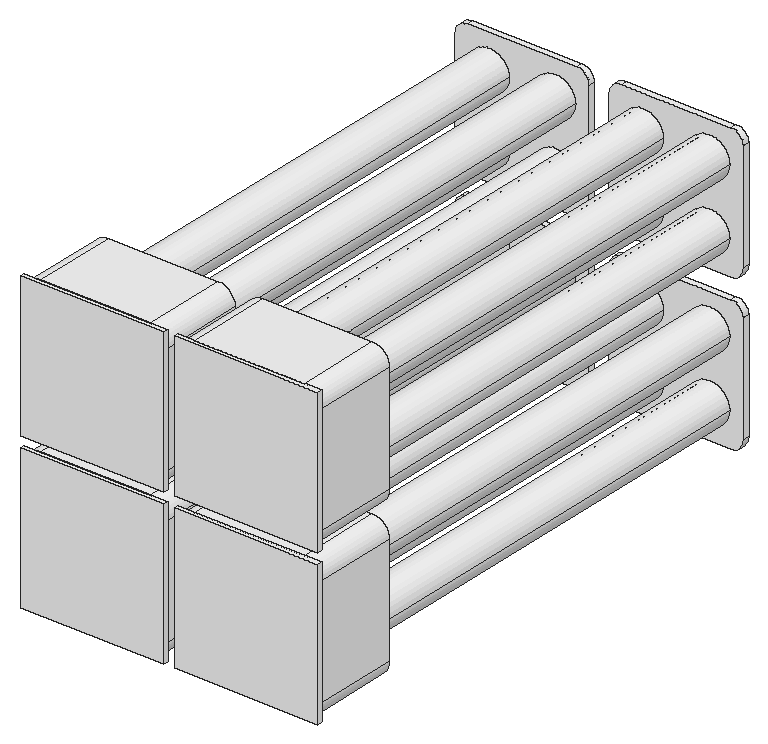
Revit family "Mamad_Transition_YEONATAN_Y3", category Generic Models, host Wall, Revit 2020
Family settings
  Host = Wall
  Can host rebar = No
  Round Connector Dimension = Use Diameter
  Part Type = Normal
  Always vertical = Yes
  Cut with Voids When Loaded = Yes
  Shared = No
  Room Calculation Point = No
Parameters (values of type "Y3_16x4"")
  Outer Plate [instance] = yes
  Wall Closure = By host
  Wall Width [instance] = 350.00 mm
  URL = "https://www.yeonatan.com"
  Type Image = <None>
  Model = "Y3"
  Manufacturer = "S2P"
  Inner Plate [instance] = yes
  Created by = "Karpel Consult And Shielding Engineering LTD"
  Assembly Code = ""
Reference planes
  plane 1: y = 0
  plane 2 "Sill": z = 1173
  plane 3: z = 1219.5
  plane 4: x = 0.3
  plane 5: z = 1266
  plane 6: y = -175
  plane 7: y = 175
  plane 8: y = 171
  plane 9: y = -120
  plane 10: x = -46.2
  plane 11: x = 46.8
  plane 12: y = -145
  plane 13: y = -140
Forms (mm)
  Sweep 1, solid, material "Yeonatan_Plastic"
    path origin (17.801, -70, -15.537) x (1, 0, 0) y (0, 1, 0)
      loop
        line (-17.501, 241) -> (-17.501, 245)
    profile origin (0.3, 173, -15.537) x (-1, 0, 0) y (0, 0, 1)
      loop
        arc (-85.5, 1328.537) -> (-91.157, 1326.194) -> (-93.5, 1320.537) r 8
        line (-93.5, 1320.537) -> (-93.5, 1249.537)
        arc (-93.5, 1249.537) -> (-91.157, 1243.88) -> (-85.5, 1241.537) r 8
        line (-85.5, 1241.537) -> (-14.5, 1241.537)
        arc (-14.5, 1241.537) -> (-8.843, 1243.88) -> (-6.5, 1249.537) r 8
        line (-6.5, 1249.537) -> (-6.5, 1320.537)
        arc (-6.5, 1320.537) -> (-8.843, 1326.194) -> (-14.5, 1328.537) r 8
        line (-14.5, 1328.537) -> (-85.5, 1328.537)
      loop
        circle (-71.5, 1263.537) r 11
      loop
        circle (-28.5, 1263.537) r 11
      loop
        circle (-71.5, 1306.537) r 11
      loop
        circle (-28.5, 1306.537) r 11
      loop
        line (85.5, 1328.537) -> (14.5, 1328.537)
        arc (14.5, 1328.537) -> (8.843, 1326.194) -> (6.5, 1320.537) r 8
        line (6.5, 1320.537) -> (6.5, 1249.537)
        arc (6.5, 1249.537) -> (8.843, 1243.88) -> (14.5, 1241.537) r 8
        line (14.5, 1241.537) -> (85.5, 1241.537)
        arc (85.5, 1241.537) -> (91.157, 1243.88) -> (93.5, 1249.537) r 8
        line (93.5, 1249.537) -> (93.5, 1320.537)
        arc (93.5, 1320.537) -> (91.157, 1326.194) -> (85.5, 1328.537) r 8
      loop
        circle (71.5, 1263.537) r 11
      loop
        circle (28.5, 1263.537) r 11
      loop
        circle (71.5, 1306.537) r 11
      loop
        circle (28.5, 1306.537) r 11
      loop
        line (-85.5, 1141.537) -> (-14.5, 1141.537)
        arc (-14.5, 1141.537) -> (-8.843, 1143.88) -> (-6.5, 1149.537) r 8
        line (-6.5, 1149.537) -> (-6.5, 1220.537)
        arc (-6.5, 1220.537) -> (-8.843, 1226.194) -> (-14.5, 1228.537) r 8
        line (-14.5, 1228.537) -> (-85.5, 1228.537)
        arc (-85.5, 1228.537) -> (-91.157, 1226.194) -> (-93.5, 1220.537) r 8
        line (-93.5, 1220.537) -> (-93.5, 1149.537)
        arc (-93.5, 1149.537) -> (-91.157, 1143.88) -> (-85.5, 1141.537) r 8
      loop
        circle (-71.5, 1206.537) r 11
      loop
        circle (-28.5, 1206.537) r 11
      loop
        circle (-71.5, 1163.537) r 11
      loop
        circle (-28.5, 1163.537) r 11
      loop
        arc (85.5, 1141.537) -> (91.157, 1143.88) -> (93.5, 1149.537) r 8
        line (93.5, 1149.537) -> (93.5, 1220.537)
        arc (93.5, 1220.537) -> (91.157, 1226.194) -> (85.5, 1228.537) r 8
        line (85.5, 1228.537) -> (14.5, 1228.537)
        arc (14.5, 1228.537) -> (8.843, 1226.194) -> (6.5, 1220.537) r 8
        line (6.5, 1220.537) -> (6.5, 1149.537)
        arc (6.5, 1149.537) -> (8.843, 1143.88) -> (14.5, 1141.537) r 8
        line (14.5, 1141.537) -> (85.5, 1141.537)
      loop
        circle (71.5, 1206.537) r 11
      loop
        circle (28.5, 1206.537) r 11
      loop
        circle (71.5, 1163.537) r 11
      loop
        circle (28.5, 1163.537) r 11
  Sweep 2, solid, material "Yeonatan_Plastic"
    path origin (-1536.434, -175, 2405.066) x (1, 0, 0) y (0, 0, 1)
      loop
        arc (1443.234, -1171.066) -> (1445.577, -1176.723) -> (1451.234, -1179.066) r 8
        line (1451.234, -1179.066) -> (1522.234, -1179.066)
        arc (1522.234, -1179.066) -> (1527.891, -1176.723) -> (1530.234, -1171.066) r 8
        line (1530.234, -1171.066) -> (1530.234, -1100.066)
        arc (1530.234, -1100.066) -> (1527.891, -1094.409) -> (1522.234, -1092.066) r 8
        line (1522.234, -1092.066) -> (1451.234, -1092.066)
        arc (1451.234, -1092.066) -> (1445.577, -1094.409) -> (1443.234, -1100.066) r 8
        line (1443.234, -1100.066) -> (1443.234, -1171.066)
    profile origin (-93.2, -175, 1269.5) x (-1, 0, 0) y (0, -1, 0)
      loop
        line (0, -55) -> (3, -55) -> (3, 0) -> (0, 0) -> (0, -55)
  Sweep 3, solid, material "Yeonatan_Plastic"
    path origin (17.801, -365, -15.537) x (1, 0, 0) y (0, 1, 0)
      loop
        line (-17.501, 239) -> (-17.501, 245)
    profile origin (0.3, -123, -15.537) x (-1, 0, 0) y (0, 0, 1)
      loop
        line (85.5, 1328.537) -> (14.5, 1328.537)
        arc (14.5, 1328.537) -> (8.843, 1326.194) -> (6.5, 1320.537) r 8
        line (6.5, 1320.537) -> (6.5, 1249.537)
        arc (6.5, 1249.537) -> (8.843, 1243.88) -> (14.5, 1241.537) r 8
        line (14.5, 1241.537) -> (85.5, 1241.537)
        arc (85.5, 1241.537) -> (91.157, 1243.88) -> (93.5, 1249.537) r 8
        line (93.5, 1249.537) -> (93.5, 1320.537)
        arc (93.5, 1320.537) -> (91.157, 1326.194) -> (85.5, 1328.537) r 8
      loop
        circle (71.5, 1263.537) r 11
      loop
        circle (28.5, 1263.537) r 11
      loop
        circle (71.5, 1306.537) r 11
      loop
        circle (28.5, 1306.537) r 11
      loop
        arc (-85.5, 1328.537) -> (-91.157, 1326.194) -> (-93.5, 1320.537) r 8
        line (-93.5, 1320.537) -> (-93.5, 1249.537)
        arc (-93.5, 1249.537) -> (-91.157, 1243.88) -> (-85.5, 1241.537) r 8
        line (-85.5, 1241.537) -> (-14.5, 1241.537)
        arc (-14.5, 1241.537) -> (-8.843, 1243.88) -> (-6.5, 1249.537) r 8
        line (-6.5, 1249.537) -> (-6.5, 1320.537)
        arc (-6.5, 1320.537) -> (-8.843, 1326.194) -> (-14.5, 1328.537) r 8
        line (-14.5, 1328.537) -> (-85.5, 1328.537)
      loop
        circle (-71.5, 1263.537) r 11
      loop
        circle (-28.5, 1263.537) r 11
      loop
        circle (-71.5, 1306.537) r 11
      loop
        circle (-28.5, 1306.537) r 11
      loop
        line (-85.5, 1141.537) -> (-14.5, 1141.537)
        arc (-14.5, 1141.537) -> (-8.843, 1143.88) -> (-6.5, 1149.537) r 8
        line (-6.5, 1149.537) -> (-6.5, 1220.537)
        arc (-6.5, 1220.537) -> (-8.843, 1226.194) -> (-14.5, 1228.537) r 8
        line (-14.5, 1228.537) -> (-85.5, 1228.537)
        arc (-85.5, 1228.537) -> (-91.157, 1226.194) -> (-93.5, 1220.537) r 8
        line (-93.5, 1220.537) -> (-93.5, 1149.537)
        arc (-93.5, 1149.537) -> (-91.157, 1143.88) -> (-85.5, 1141.537) r 8
      loop
        circle (-71.5, 1206.537) r 11
      loop
        circle (-28.5, 1206.537) r 11
      loop
        circle (-71.5, 1163.537) r 11
      loop
        circle (-28.5, 1163.537) r 11
      loop
        arc (85.5, 1141.537) -> (91.157, 1143.88) -> (93.5, 1149.537) r 8
        line (93.5, 1149.537) -> (93.5, 1220.537)
        arc (93.5, 1220.537) -> (91.157, 1226.194) -> (85.5, 1228.537) r 8
        line (85.5, 1228.537) -> (14.5, 1228.537)
        arc (14.5, 1228.537) -> (8.843, 1226.194) -> (6.5, 1220.537) r 8
        line (6.5, 1220.537) -> (6.5, 1149.537)
        arc (6.5, 1149.537) -> (8.843, 1143.88) -> (14.5, 1141.537) r 8
        line (14.5, 1141.537) -> (85.5, 1141.537)
      loop
        circle (71.5, 1206.537) r 11
      loop
        circle (28.5, 1206.537) r 11
      loop
        circle (71.5, 1163.537) r 11
      loop
        circle (28.5, 1163.537) r 11
  Extrusion 4, solid, material "Yeonatan_Plastic"
    sketch origin (-21.5, 11.219, -21.5) x (1, 0, 0) y (0, 0, 1)
      loop
        circle (50.3, 1269.5) r 13
      loop
        circle (50.3, 1269.5) r 11
      loop
        circle (93.3, 1269.5) r 13
      loop
        circle (93.3, 1269.5) r 11
      loop
        circle (50.3, 1312.5) r 13
      loop
        circle (50.3, 1312.5) r 11
      loop
        circle (93.3, 1312.5) r 13
      loop
        circle (93.3, 1312.5) r 11
      loop
        circle (-6.7, 1269.5) r 13
      loop
        circle (-6.7, 1269.5) r 11
      loop
        circle (-49.7, 1269.5) r 13
      loop
        circle (-49.7, 1269.5) r 11
      loop
        circle (-6.7, 1312.5) r 13
      loop
        circle (-6.7, 1312.5) r 11
      loop
        circle (-49.7, 1312.5) r 13
      loop
        circle (-49.7, 1312.5) r 11
      loop
        circle (-6.7, 1212.5) r 13
      loop
        circle (-6.7, 1212.5) r 11
      loop
        circle (-49.7, 1212.5) r 13
      loop
        circle (-49.7, 1212.5) r 11
      loop
        circle (-6.7, 1169.5) r 13
      loop
        circle (-6.7, 1169.5) r 11
      loop
        circle (-49.7, 1169.5) r 13
      loop
        circle (-49.7, 1169.5) r 11
      loop
        circle (50.3, 1212.5) r 13
      loop
        circle (50.3, 1212.5) r 11
      loop
        circle (93.3, 1212.5) r 13
      loop
        circle (93.3, 1212.5) r 11
      loop
        circle (50.3, 1169.5) r 13
      loop
        circle (50.3, 1169.5) r 11
      loop
        circle (93.3, 1169.5) r 13
      loop
        circle (93.3, 1169.5) r 11
    from -159.781 to 131.219
  Sweep 5, void
    path origin (-1.762, -3.524, 0) x (1, 0, 0) y (0, 1, 0)
      loop
        line (2.062, -171.476) -> (2.062, -116.476)
    profile origin (0.3, -147.5, 0) x (-1, 0, 0) y (0, 0, 1)
      loop
        line (-14.5, 1316) -> (-85.5, 1316)
        arc (-85.5, 1316) -> (-93.278, 1312.778) -> (-96.5, 1305) r 11
        line (-96.5, 1305) -> (-96.5, 1234)
        arc (-96.5, 1234) -> (-93.278, 1226.222) -> (-85.5, 1223) r 11
        line (-85.5, 1223) -> (-14.5, 1223)
        arc (-14.5, 1223) -> (-6.722, 1226.222) -> (-3.5, 1234) r 11
        line (-3.5, 1234) -> (-3.5, 1305)
        arc (-3.5, 1305) -> (-6.722, 1312.778) -> (-14.5, 1316) r 11
      loop
        arc (14.5, 1316) -> (6.722, 1312.778) -> (3.5, 1305) r 11
        line (3.5, 1305) -> (3.5, 1234)
        arc (3.5, 1234) -> (6.722, 1226.222) -> (14.5, 1223) r 11
        line (14.5, 1223) -> (85.5, 1223)
        arc (85.5, 1223) -> (93.278, 1226.222) -> (96.5, 1234) r 11
        line (96.5, 1234) -> (96.5, 1305)
        arc (96.5, 1305) -> (93.278, 1312.778) -> (85.5, 1316) r 11
        line (85.5, 1316) -> (14.5, 1316)
      loop
        arc (-14.5, 1123) -> (-6.722, 1126.222) -> (-3.5, 1134) r 11
        line (-3.5, 1134) -> (-3.5, 1205)
        arc (-3.5, 1205) -> (-6.722, 1212.778) -> (-14.5, 1216) r 11
        line (-14.5, 1216) -> (-85.5, 1216)
        arc (-85.5, 1216) -> (-93.278, 1212.778) -> (-96.5, 1205) r 11
        line (-96.5, 1205) -> (-96.5, 1134)
        arc (-96.5, 1134) -> (-93.278, 1126.222) -> (-85.5, 1123) r 11
        line (-85.5, 1123) -> (-14.5, 1123)
      loop
        line (14.5, 1123) -> (85.5, 1123)
        arc (85.5, 1123) -> (93.278, 1126.222) -> (96.5, 1134) r 11
        line (96.5, 1134) -> (96.5, 1205)
        arc (96.5, 1205) -> (93.278, 1212.778) -> (85.5, 1216) r 11
        line (85.5, 1216) -> (14.5, 1216)
        arc (14.5, 1216) -> (6.722, 1212.778) -> (3.5, 1205) r 11
        line (3.5, 1205) -> (3.5, 1134)
        arc (3.5, 1134) -> (6.722, 1126.222) -> (14.5, 1123) r 11
  Sweep 6, void
    path origin (146.105, 263.235, 0) x (1, 0, 0) y (0, 1, 0)
      loop
        line (-145.805, -92.235) -> (-145.805, -88.235)
    profile origin (0.3, 173, 0) x (-1, 0, 0) y (0, 0, 1)
      loop
        line (85.5, 1313) -> (14.5, 1313)
        arc (14.5, 1313) -> (8.843, 1310.657) -> (6.5, 1305) r 8
        line (6.5, 1305) -> (6.5, 1234)
        arc (6.5, 1234) -> (8.843, 1228.343) -> (14.5, 1226) r 8
        line (14.5, 1226) -> (85.5, 1226)
        arc (85.5, 1226) -> (91.157, 1228.343) -> (93.5, 1234) r 8
        line (93.5, 1234) -> (93.5, 1305)
        arc (93.5, 1305) -> (91.157, 1310.657) -> (85.5, 1313) r 8
      loop
        arc (-85.5, 1313) -> (-91.157, 1310.657) -> (-93.5, 1305) r 8
        line (-93.5, 1305) -> (-93.5, 1234)
        arc (-93.5, 1234) -> (-91.157, 1228.343) -> (-85.5, 1226) r 8
        line (-85.5, 1226) -> (-14.5, 1226)
        arc (-14.5, 1226) -> (-8.843, 1228.343) -> (-6.5, 1234) r 8
        line (-6.5, 1234) -> (-6.5, 1305)
        arc (-6.5, 1305) -> (-8.843, 1310.657) -> (-14.5, 1313) r 8
        line (-14.5, 1313) -> (-85.5, 1313)
      loop
        arc (85.5, 1126) -> (91.157, 1128.343) -> (93.5, 1134) r 8
        line (93.5, 1134) -> (93.5, 1205)
        arc (93.5, 1205) -> (91.157, 1210.657) -> (85.5, 1213) r 8
        line (85.5, 1213) -> (14.5, 1213)
        arc (14.5, 1213) -> (8.843, 1210.657) -> (6.5, 1205) r 8
        line (6.5, 1205) -> (6.5, 1134)
        arc (6.5, 1134) -> (8.843, 1128.343) -> (14.5, 1126) r 8
        line (14.5, 1126) -> (85.5, 1126)
      loop
        line (-85.5, 1126) -> (-14.5, 1126)
        arc (-14.5, 1126) -> (-8.843, 1128.343) -> (-6.5, 1134) r 8
        line (-6.5, 1134) -> (-6.5, 1205)
        arc (-6.5, 1205) -> (-8.843, 1210.657) -> (-14.5, 1213) r 8
        line (-14.5, 1213) -> (-85.5, 1213)
        arc (-85.5, 1213) -> (-91.157, 1210.657) -> (-93.5, 1205) r 8
        line (-93.5, 1205) -> (-93.5, 1134)
        arc (-93.5, 1134) -> (-91.157, 1128.343) -> (-85.5, 1126) r 8
  Sweep 7, void
    path origin (410.991, 179.312, 0) x (1, 0, 0) y (0, 1, 0)
      loop
        line (-410.691, -299.312) -> (-410.691, -8.312)
    profile origin (0.3, 25.5, 0) x (-1, 0, 0) y (0, 0, 1)
      loop
        circle (-28.5, 1291) r 11
      loop
        circle (-28.5, 1248) r 11
      loop
        circle (-71.5, 1248) r 11
      loop
        circle (-71.5, 1291) r 11
      loop
        circle (28.5, 1291) r 11
      loop
        circle (28.5, 1248) r 11
      loop
        circle (71.5, 1248) r 11
      loop
        circle (71.5, 1291) r 11
      loop
        circle (28.5, 1148) r 11
      loop
        circle (28.5, 1191) r 11
      loop
        circle (71.5, 1191) r 11
      loop
        circle (71.5, 1148) r 11
      loop
        circle (-28.5, 1148) r 11
      loop
        circle (-28.5, 1191) r 11
      loop
        circle (-71.5, 1191) r 11
      loop
        circle (-71.5, 1148) r 11
  Sweep 8, solid, material "Yeonatan_Stainless_Steel", visible <- "Inner Plate"
    path origin (17.801, -385, -15.537) x (1, 0, 0) y (0, 1, 0)
      loop
        line (-17.501, 240) -> (-17.501, 245)
    profile origin (0.3, -142.5, -15.537) x (-1, 0, 0) y (0, 0, 1)
      loop
        arc (-85.5, 1328.537) -> (-91.157, 1326.194) -> (-93.5, 1320.537) r 8
        line (-93.5, 1320.537) -> (-93.5, 1249.537)
        arc (-93.5, 1249.537) -> (-91.157, 1243.88) -> (-85.5, 1241.537) r 8
        line (-85.5, 1241.537) -> (-14.5, 1241.537)
        arc (-14.5, 1241.537) -> (-8.843, 1243.88) -> (-6.5, 1249.537) r 8
        line (-6.5, 1249.537) -> (-6.5, 1320.537)
        arc (-6.5, 1320.537) -> (-8.843, 1326.194) -> (-14.5, 1328.537) r 8
        line (-14.5, 1328.537) -> (-85.5, 1328.537)
      loop
        circle (-71.5, 1263.537) r 11
      loop
        circle (-28.5, 1263.537) r 11
      loop
        circle (-71.5, 1306.537) r 11
      loop
        circle (-28.5, 1306.537) r 11
      loop
        line (85.5, 1328.537) -> (14.5, 1328.537)
        arc (14.5, 1328.537) -> (8.843, 1326.194) -> (6.5, 1320.537) r 8
        line (6.5, 1320.537) -> (6.5, 1249.537)
        arc (6.5, 1249.537) -> (8.843, 1243.88) -> (14.5, 1241.537) r 8
        line (14.5, 1241.537) -> (85.5, 1241.537)
        arc (85.5, 1241.537) -> (91.157, 1243.88) -> (93.5, 1249.537) r 8
        line (93.5, 1249.537) -> (93.5, 1320.537)
        arc (93.5, 1320.537) -> (91.157, 1326.194) -> (85.5, 1328.537) r 8
      loop
        circle (71.5, 1263.537) r 11
      loop
        circle (28.5, 1263.537) r 11
      loop
        circle (71.5, 1306.537) r 11
      loop
        circle (28.5, 1306.537) r 11
      loop
        arc (85.5, 1141.537) -> (91.157, 1143.88) -> (93.5, 1149.537) r 8
        line (93.5, 1149.537) -> (93.5, 1220.537)
        arc (93.5, 1220.537) -> (91.157, 1226.194) -> (85.5, 1228.537) r 8
        line (85.5, 1228.537) -> (14.5, 1228.537)
        arc (14.5, 1228.537) -> (8.843, 1226.194) -> (6.5, 1220.537) r 8
        line (6.5, 1220.537) -> (6.5, 1149.537)
        arc (6.5, 1149.537) -> (8.843, 1143.88) -> (14.5, 1141.537) r 8
        line (14.5, 1141.537) -> (85.5, 1141.537)
      loop
        circle (71.5, 1206.537) r 11
      loop
        circle (28.5, 1206.537) r 11
      loop
        circle (71.5, 1163.537) r 11
      loop
        circle (28.5, 1163.537) r 11
      loop
        line (-85.5, 1141.537) -> (-14.5, 1141.537)
        arc (-14.5, 1141.537) -> (-8.843, 1143.88) -> (-6.5, 1149.537) r 8
        line (-6.5, 1149.537) -> (-6.5, 1220.537)
        arc (-6.5, 1220.537) -> (-8.843, 1226.194) -> (-14.5, 1228.537) r 8
        line (-14.5, 1228.537) -> (-85.5, 1228.537)
        arc (-85.5, 1228.537) -> (-91.157, 1226.194) -> (-93.5, 1220.537) r 8
        line (-93.5, 1220.537) -> (-93.5, 1149.537)
        arc (-93.5, 1149.537) -> (-91.157, 1143.88) -> (-85.5, 1141.537) r 8
      loop
        circle (-71.5, 1206.537) r 11
      loop
        circle (-28.5, 1206.537) r 11
      loop
        circle (-71.5, 1163.537) r 11
      loop
        circle (-28.5, 1163.537) r 11
  Sweep 9, solid, material "Yeonatan_Stainless_Steel"
    path origin (-98.396, -355, 2439) x (0, 1, 0) y (-1, 0, 0)
      loop
        line (229, -98.696) -> (199, -98.696)
    profile origin (0.3, -141, 2439) x (1, 0, 0) y (0, 0, 1)
      loop
        circle (64.5, -1169.5) r 4
      loop
        circle (35.5, -1169.5) r 4
      loop
        circle (-64.5, -1169.5) r 4
      loop
        circle (-35.5, -1169.5) r 4
      loop
        circle (-64.5, -1269.5) r 4
      loop
        circle (-35.5, -1269.5) r 4
      loop
        circle (64.5, -1269.5) r 4
      loop
        circle (35.5, -1269.5) r 4
  Sweep 10, solid, material "Yeonatan_Stainless_Steel", visible <- "Inner Plate"
    path origin (-98.396, -355, 2439) x (0, 1, 0) y (-1, 0, 0)
      loop
        line (210, -98.696) -> (206, -98.696)
    profile origin (0.3, -147, 2439) x (1, 0, 0) y (0, 0, 1)
      loop
        circle (64.5, -1169.5) r 4
      loop
        circle (35.5, -1169.5) r 4
      loop
        line (60.747, -1163) -> (56.994, -1169.5) -> (60.747, -1176) -> (68.253, -1176) -> (72.006, -1169.5) -> (68.253, -1163) -> (60.747, -1163)
      loop
        line (39.253, -1163) -> (31.747, -1163) -> (27.994, -1169.5) -> (31.747, -1176) -> (39.253, -1176) -> (43.006, -1169.5) -> (39.253, -1163)
      loop
        circle (-64.5, -1169.5) r 4
      loop
        circle (-35.5, -1169.5) r 4
      loop
        line (-60.747, -1163) -> (-68.253, -1163) -> (-72.006, -1169.5) -> (-68.253, -1176) -> (-60.747, -1176) -> (-56.994, -1169.5) -> (-60.747, -1163)
      loop
        line (-39.253, -1163) -> (-43.006, -1169.5) -> (-39.253, -1176) -> (-31.747, -1176) -> (-27.994, -1169.5) -> (-31.747, -1163) -> (-39.253, -1163)
      loop
        circle (-64.5, -1269.5) r 4
      loop
        circle (-35.5, -1269.5) r 4
      loop
        line (-60.747, -1276) -> (-56.994, -1269.5) -> (-60.747, -1263) -> (-68.253, -1263) -> (-72.006, -1269.5) -> (-68.253, -1276) -> (-60.747, -1276)
      loop
        line (-39.253, -1276) -> (-31.747, -1276) -> (-27.994, -1269.5) -> (-31.747, -1263) -> (-39.253, -1263) -> (-43.006, -1269.5) -> (-39.253, -1276)
      loop
        circle (64.5, -1269.5) r 4
      loop
        circle (35.5, -1269.5) r 4
      loop
        line (60.747, -1276) -> (68.253, -1276) -> (72.006, -1269.5) -> (68.253, -1263) -> (60.747, -1263) -> (56.994, -1269.5) -> (60.747, -1276)
      loop
        line (39.253, -1276) -> (43.006, -1269.5) -> (39.253, -1263) -> (31.747, -1263) -> (27.994, -1269.5) -> (31.747, -1276) -> (39.253, -1276)
  Sweep 11, solid, material "Yeonatan_Plastic", visible <- "Outer Plate"
    path origin (17.801, -420, -15.537) x (1, 0, 0) y (0, 1, 0)
      loop
        line (-17.501, 242) -> (-17.501, 245)
    profile origin (0.3, -176.5, -15.537) x (-1, 0, 0) y (0, 0, 1)
      loop
        line (-96.5, 1331.537) -> (-96.5, 1238.537) -> (-3.5, 1238.537) -> (-3.5, 1331.537) -> (-96.5, 1331.537)
      loop
        line (96.5, 1331.537) -> (3.5, 1331.537) -> (3.5, 1238.537) -> (96.5, 1238.537) -> (96.5, 1331.537)
      loop
        line (96.5, 1138.537) -> (96.5, 1231.537) -> (3.5, 1231.537) -> (3.5, 1138.537) -> (96.5, 1138.537)
      loop
        line (-96.5, 1138.537) -> (-3.5, 1138.537) -> (-3.5, 1231.537) -> (-96.5, 1231.537) -> (-96.5, 1138.537)
  Sweep 12, solid, material "Yeonatan_Plastic"
    path origin (1537.034, -175, 2405.066) x (-1, 0, 0) y (0, 0, -1)
      loop
        line (1443.234, 1171.066) -> (1443.234, 1100.066)
        arc (1443.234, 1100.066) -> (1445.577, 1094.409) -> (1451.234, 1092.066) r 8
        line (1451.234, 1092.066) -> (1522.234, 1092.066)
        arc (1522.234, 1092.066) -> (1527.891, 1094.409) -> (1530.234, 1100.066) r 8
        line (1530.234, 1100.066) -> (1530.234, 1171.066)
        arc (1530.234, 1171.066) -> (1527.891, 1176.723) -> (1522.234, 1179.066) r 8
        line (1522.234, 1179.066) -> (1451.234, 1179.066)
        arc (1451.234, 1179.066) -> (1445.577, 1176.723) -> (1443.234, 1171.066) r 8
    profile origin (93.8, -175, 1269.5) x (-1, 0, 0) y (0, -1, 0)
      loop
        line (0, -55) -> (0, 0) -> (-3, 0) -> (-3, -55) -> (0, -55)
  Sweep 13, solid, material "Yeonatan_Plastic"
    path origin (1537.034, -175, 33.934) x (-1, 0, 0) y (0, 0, -1)
      loop
        arc (1443.234, -1171.066) -> (1445.577, -1176.723) -> (1451.234, -1179.066) r 8
        line (1451.234, -1179.066) -> (1522.234, -1179.066)
        arc (1522.234, -1179.066) -> (1527.891, -1176.723) -> (1530.234, -1171.066) r 8
        line (1530.234, -1171.066) -> (1530.234, -1100.066)
        arc (1530.234, -1100.066) -> (1527.891, -1094.409) -> (1522.234, -1092.066) r 8
        line (1522.234, -1092.066) -> (1451.234, -1092.066)
        arc (1451.234, -1092.066) -> (1445.577, -1094.409) -> (1443.234, -1100.066) r 8
        line (1443.234, -1100.066) -> (1443.234, -1171.066)
    profile origin (93.8, -175, 1169.5) x (0, -1, 0) y (1, 0, 0)
      loop
        line (-55, 0) -> (0, 0) -> (0, 3) -> (-55, 3) -> (-55, 0)
  Sweep 14, solid, material "Yeonatan_Plastic"
    path origin (-1536.434, -175, 33.934) x (1, 0, 0) y (0, 0, 1)
      loop
        line (1443.234, 1171.066) -> (1443.234, 1100.066)
        arc (1443.234, 1100.066) -> (1445.577, 1094.409) -> (1451.234, 1092.066) r 8
        line (1451.234, 1092.066) -> (1522.234, 1092.066)
        arc (1522.234, 1092.066) -> (1527.891, 1094.409) -> (1530.234, 1100.066) r 8
        line (1530.234, 1100.066) -> (1530.234, 1171.066)
        arc (1530.234, 1171.066) -> (1527.891, 1176.723) -> (1522.234, 1179.066) r 8
        line (1522.234, 1179.066) -> (1451.234, 1179.066)
        arc (1451.234, 1179.066) -> (1445.577, 1176.723) -> (1443.234, 1171.066) r 8
    profile origin (-93.2, -175, 1169.5) x (0, -1, 0) y (1, 0, 0)
      loop
        line (-55, 0) -> (-55, -3) -> (0, -3) -> (0, 0) -> (-55, 0)
Cuts and joins
  Sweep 6 cuts Sweep 2
  Sweep 6 cuts Sweep 3
  Sweep 6 cuts Extrusion 4
  Sweep 7 cuts Sweep 1
Text (mm)
  text "Exterior" at (0, 1019.848, 3124.603), in view "Right"
  text "Exterior" at (-946.239, 459.523, 0), in view "Floor Line"
  text "Exterior" at (0, 1206.291, 2968.097), in view "Left"
Dimensions and locks
  "Wall Width": plane 7 to plane 6
  plane 9 to plane 6 = 55.00 mm
  Sweep 3 sketch curve to Sweep 3 sketch curve = 6.00 mm
  Sweep 10 sketch curve to Sweep 10 sketch curve = 4.00 mm
  Sweep 9 sketch curve to Sweep 9 sketch curve = 30.00 mm
  plane 9 to plane 13 = 20.00 mm
  plane 13 to plane 12 = 5.00 mm
  Sweep 11 sketch curve to Sweep 11 sketch curve = 3.00 mm
  plane 7 to plane 8 = 4.00 mm
  aligned and locked: plane 6 to host wall
  aligned and locked: plane 7 to host wall
  aligned and locked: Sweep 1 to Sweep 1
  aligned and locked: plane 6 to Sweep 2
  aligned and locked: plane 7 to Sweep 1
  aligned and locked: Sweep 2 to plane 6
  aligned and locked: plane 8 to Sweep 1 sketch curve
  aligned and locked: Sweep 1 sketch curve to plane 4
  aligned and locked: Sweep 2 sketch curve to plane 9
  aligned and locked: Sweep 2 sketch curve to plane 6
  aligned and locked: Sweep 3 sketch curve to Sweep 2
  aligned and locked: plane 8 to Extrusion 4
  aligned and locked: Extrusion 4 to plane 9
  aligned and locked: plane 6 to Sweep 5 sketch curve
  aligned and locked: plane 7 to Sweep 6 sketch curve
  aligned and locked: plane 8 to Sweep 6 sketch curve
  aligned and locked: plane 8 to Sweep 7 sketch curve
  aligned and locked: plane 9 to Sweep 7 sketch curve
  aligned and locked: Sweep 8 to Sweep 8
  aligned and locked: plane 12 to Sweep 8 sketch curve
  aligned and locked: plane 13 to Sweep 8 sketch curve
  aligned and locked: Sweep 8 to Sweep 10 sketch curve
  aligned and locked: cut or joined group of Sweep 3, Sweep 6 to Sweep 9 sketch curve
  aligned and locked: plane 6 to Sweep 11 sketch curve
  aligned and locked: plane 6 to Sweep 12 sketch curve
  aligned and locked: plane 9 to Sweep 12 sketch curve
  aligned and locked: Sweep 14 sketch curve to plane 6
  aligned and locked: Sweep 14 sketch curve to plane 9
  aligned and locked: plane 9 to Sweep 13 sketch curve
  aligned and locked: plane 6 to Sweep 13 sketch curve
Automatic sketch dimensions
  Sweep 1 sketch curve to plane 7 = 0.00 mm
  profile plane to Sweep 1 sketch curve = 93.50 mm  (x2)
  Sweep 1 sketch curve to Sweep 1 sketch curve = 8.00 mm  (x11)
  Sweep 1 sketch curve to Sweep 1 sketch curve = 14.00 mm  (x23)
  profile plane to Sweep 1 sketch curve = 28.50 mm  (x4)
  profile plane to Sweep 1 sketch curve = 14.50 mm  (x3)
  Sweep 1 sketch curve to Sweep 1 sketch curve = 0.00 mm  (x4)
  profile plane to Sweep 1 sketch curve = 6.50 mm  (x2)
  Sweep 1 sketch curve to profile plane = 6.50 mm  (x2)
  Sweep 1 sketch curve to Sweep 1 sketch curve = 43.00 mm  (x10)
  profile plane to Sweep 1 sketch curve = 1141.537 mm
  Sweep 1 sketch curve to Sweep 1 sketch curve = 13.00 mm  (x2)
  Sweep 2 sketch curve to plane 3 = 14.50 mm
  plane 10 to Sweep 2 sketch curve = 47.00 mm
  Sweep 2 sketch curve to Sweep 2 sketch curve = 8.00 mm  (x2)
  plane 4 to Sweep 2 sketch curve = 14.50 mm  (x2)
  plane 4 to Sweep 2 sketch curve = 6.50 mm
  Sweep 2 sketch curve to plane 5 = 39.00 mm
  Sweep 2 sketch curve to profile plane = 0.00 mm
  Sweep 2 sketch curve to profile plane = 3.00 mm
  Sweep 3 sketch curve to plane 4 = 0.00 mm
  Sweep 5 sketch curve to plane 4 = 0.00 mm
  Sweep 5 sketch curve to plane 9 = 0.00 mm
  profile plane to Sweep 5 sketch curve = 96.50 mm  (x2)
  Sweep 5 sketch curve to Sweep 5 sketch curve = 11.00 mm  (x11)
  profile plane to Sweep 5 sketch curve = 14.50 mm  (x3)
  Sweep 5 sketch curve to Sweep 5 sketch curve = 0.00 mm  (x4)
  profile plane to Sweep 5 sketch curve = 3.50 mm  (x2)
  Sweep 5 sketch curve to profile plane = 3.50 mm  (x2)
  Sweep 5 sketch curve to Sweep 5 sketch curve = 71.00 mm  (x5)
  level to Sweep 5 sketch curve = 1123.00 mm
  Sweep 5 sketch curve to Sweep 5 sketch curve = 7.00 mm  (x2)
  Sweep 6 sketch curve to plane 4 = 0.00 mm
  profile plane to Sweep 6 sketch curve = 93.50 mm
  Sweep 6 sketch curve to Sweep 6 sketch curve = 0.00 mm  (x3)
  Sweep 6 sketch curve to Sweep 6 sketch curve = 8.00 mm  (x11)
  profile plane to Sweep 6 sketch curve = 14.50 mm  (x4)
  profile plane to Sweep 6 sketch curve = 6.50 mm  (x2)
  Sweep 6 sketch curve to profile plane = 6.50 mm  (x2)
  Sweep 6 sketch curve to Sweep 6 sketch curve = 71.00 mm  (x6)
  level to Sweep 6 sketch curve = 1126.00 mm
  Sweep 6 sketch curve to Sweep 6 sketch curve = 13.00 mm  (x2)
  Sweep 7 sketch curve to plane 4 = 0.00 mm
  Sweep 8 sketch curve to plane 4 = 0.00 mm
  Sweep 9 sketch curve to plane 4 = 0.00 mm
  Sweep 10 sketch curve to plane 4 = 0.00 mm
  Sweep 11 sketch curve to plane 4 = 0.00 mm
  Sweep 12 sketch curve to plane 3 = 14.50 mm
  Sweep 12 sketch curve to plane 11 = 47.00 mm
  Sweep 12 sketch curve to Sweep 12 sketch curve = 8.00 mm  (x2)
  Sweep 12 sketch curve to plane 4 = 14.50 mm  (x2)
  Sweep 12 sketch curve to plane 4 = 6.50 mm
  Sweep 12 sketch curve to plane 5 = 39.00 mm
  Sweep 12 sketch curve to profile plane = 0.00 mm
  profile plane to Sweep 12 sketch curve = 3.00 mm
  plane 3 to Sweep 13 sketch curve = 14.50 mm
  Sweep 13 sketch curve to plane 11 = 47.00 mm
  Sweep 13 sketch curve to Sweep 13 sketch curve = 8.00 mm  (x2)
  Sweep 13 sketch curve to plane 4 = 14.50 mm  (x2)
  Sweep 13 sketch curve to plane 4 = 6.50 mm
  plane 2 "Sill" to Sweep 13 sketch curve = 39.00 mm
  Sweep 13 sketch curve to profile plane = 0.00 mm
  Sweep 13 sketch curve to Sweep 13 sketch curve = 3.00 mm
  plane 3 to Sweep 14 sketch curve = 14.50 mm
  plane 10 to Sweep 14 sketch curve = 47.00 mm
  Sweep 14 sketch curve to Sweep 14 sketch curve = 8.00 mm  (x2)
  plane 4 to Sweep 14 sketch curve = 14.50 mm  (x2)
  plane 4 to Sweep 14 sketch curve = 6.50 mm
  plane 2 "Sill" to Sweep 14 sketch curve = 39.00 mm
  Sweep 14 sketch curve to profile plane = 0.00 mm
  profile plane to Sweep 14 sketch curve = 3.00 mm
  profile plane to Sweep 3 sketch curve = 93.50 mm
  Sweep 3 sketch curve to Sweep 3 sketch curve = 0.00 mm  (x4)
  Sweep 3 sketch curve to Sweep 3 sketch curve = 8.00 mm  (x11)
  Sweep 3 sketch curve to Sweep 3 sketch curve = 14.00 mm  (x23)
  profile plane to Sweep 3 sketch curve = 28.50 mm  (x4)
  profile plane to Sweep 3 sketch curve = 14.50 mm  (x4)
  profile plane to Sweep 3 sketch curve = 6.50 mm  (x2)
  Sweep 3 sketch curve to profile plane = 6.50 mm  (x2)
  Sweep 3 sketch curve to Sweep 3 sketch curve = 43.00 mm  (x10)
  profile plane to Sweep 3 sketch curve = 1141.537 mm
  Sweep 3 sketch curve to Sweep 3 sketch curve = 13.00 mm  (x2)
  profile plane to Sweep 8 sketch curve = 93.50 mm  (x2)
  Sweep 8 sketch curve to Sweep 8 sketch curve = 8.00 mm  (x11)
  Sweep 8 sketch curve to Sweep 8 sketch curve = 14.00 mm  (x24)
  profile plane to Sweep 8 sketch curve = 28.50 mm  (x4)
  profile plane to Sweep 8 sketch curve = 14.50 mm  (x3)
  Sweep 8 sketch curve to Sweep 8 sketch curve = 0.00 mm  (x3)
  profile plane to Sweep 8 sketch curve = 6.50 mm  (x2)
  Sweep 8 sketch curve to profile plane = 6.50 mm  (x2)
  Sweep 8 sketch curve to Sweep 8 sketch curve = 43.00 mm  (x10)
  profile plane to Sweep 8 sketch curve = 1141.537 mm
  Sweep 8 sketch curve to Sweep 8 sketch curve = 13.00 mm  (x2)
  profile plane to Sweep 11 sketch curve = 96.50 mm  (x2)
  profile plane to Sweep 11 sketch curve = 3.50 mm  (x2)
  Sweep 11 sketch curve to profile plane = 3.50 mm  (x2)
  Sweep 11 sketch curve to Sweep 11 sketch curve = 93.00 mm  (x5)
  Sweep 11 sketch curve to Sweep 11 sketch curve = 0.00 mm  (x2)
  profile plane to Sweep 11 sketch curve = 1138.537 mm
  Sweep 11 sketch curve to Sweep 11 sketch curve = 7.00 mm  (x2)
  Sweep 7 sketch curve to Sweep 7 sketch curve = 0.00 mm  (x46)
  profile plane to Sweep 7 sketch curve = 71.50 mm  (x2)
  profile plane to Sweep 7 sketch curve = 28.50 mm  (x4)
  Sweep 7 sketch curve to profile plane = 28.50 mm  (x4)
  Sweep 7 sketch curve to Sweep 7 sketch curve = 43.00 mm  (x6)
  level to Sweep 7 sketch curve = 1148.00 mm
  Sweep 7 sketch curve to Sweep 7 sketch curve = 57.00 mm
  Sweep 7 sketch curve to Sweep 7 sketch curve = 11.00 mm  (x16)
  Extrusion 4 sketch curve to Extrusion 4 sketch curve = 0.00 mm  (x192)
  plane 10 to Extrusion 4 sketch curve = 25.00 mm  (x4)
  Extrusion 4 sketch curve to plane 10 = 18.00 mm  (x4)
  plane 11 to Extrusion 4 sketch curve = 18.00 mm  (x4)
  Extrusion 4 sketch curve to plane 11 = 25.00 mm  (x4)
  plane 2 "Sill" to Extrusion 4 sketch curve = 25.00 mm  (x4)
  Extrusion 4 sketch curve to plane 2 "Sill" = 18.00 mm  (x4)
  plane 5 to Extrusion 4 sketch curve = 18.00 mm  (x4)
  Extrusion 4 sketch curve to plane 5 = 25.00 mm  (x4)
  Extrusion 4 sketch curve to Extrusion 4 sketch curve = 11.00 mm  (x4)
  Extrusion 4 sketch curve to Extrusion 4 sketch curve = 2.00 mm  (x16)
  Extrusion 4 sketch curve to plane 10 = 5.00 mm  (x4)
  Extrusion 4 sketch curve to Extrusion 4 sketch curve = 13.00 mm  (x4)
  Extrusion 4 sketch curve to plane 11 = 12.00 mm  (x4)
  profile plane to Sweep 9 sketch curve = 64.50 mm  (x2)
  Sweep 9 sketch curve to Sweep 9 sketch curve = 29.00 mm  (x4)
  Sweep 9 sketch curve to profile plane = 35.50 mm  (x2)
  Sweep 9 sketch curve to profile plane = 1269.50 mm
  Sweep 9 sketch curve to Sweep 9 sketch curve = 0.00 mm  (x6)
  Sweep 9 sketch curve to Sweep 9 sketch curve = 100.00 mm
  profile plane to Sweep 10 sketch curve = 72.006 mm  (x2)
  Sweep 10 sketch curve to Sweep 10 sketch curve = 3.753 mm  (x35)
  Sweep 10 sketch curve to Sweep 10 sketch curve = 7.506 mm  (x13)
  Sweep 10 sketch curve to Sweep 10 sketch curve = 13.989 mm  (x4)
  Sweep 10 sketch curve to profile plane = 27.994 mm  (x2)
  Sweep 10 sketch curve to profile plane = 1276.00 mm
  Sweep 10 sketch curve to Sweep 10 sketch curve = 0.00 mm  (x11)
  Sweep 10 sketch curve to Sweep 10 sketch curve = 6.50 mm  (x26)
  Sweep 10 sketch curve to Sweep 10 sketch curve = 87.00 mm  (x2)
  radius of Sweep 1 sketch curve = 11.00 mm  (x16)
  radius of Sweep 3 sketch curve = 11.00 mm  (x16)
  radius of Sweep 8 sketch curve = 11.00 mm  (x16)
  radius of Sweep 9 sketch curve = 4.00 mm  (x8)
  radius of Sweep 10 sketch curve = 4.00 mm  (x8)
